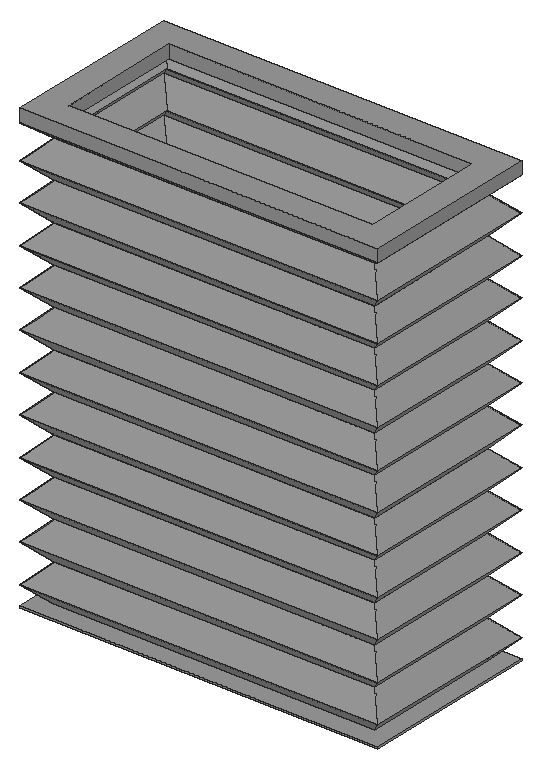
Revit family "MBA_Штора_Противопожарная_FireTechnics_Гармошка", category Двери, Revit 2016
Family settings
  На основе рабочей плоскости = Да
  Всегда вертикально = Да
  При загрузке вырезать с полостями = Нет
  Общий = Нет
  Точка расчета площади = Нет
Parameters (values of type "4000х2000х5000 EI180")
  ч3 [instance] = ч1 - ч2  # 0.5
  ч2 [instance] = n / 2  # 11.5
  ч1 [instance] = n / 2  # 12
  вкк2 [instance] = sin(10.00°) * Ширина короба  # 52.094 mm
  вкк1 [instance] = if(Четное, (Height - H1) / 2, (Height - H1))  # 168.095 mm
  Ширина короба = 300 mm  # constant formula
  Штора поднята [instance] = no
  Четное [instance] = ч3 = 0  # no
  Функция = Внутренние слои
  Угол [instance] = if(Штора поднята, 10.00°, 45.00°)  # 45.00°
  Толщина полотна = 1 mm  # constant formula
  Толщина короба_Геометрия [instance] = cos(Угол) * Ширина короба  # 212.132 mm
  Тип конструкций = "Штора противопожарная"
  Default Elevation = 1219.2 mm
  Описание = "Автоматические противопожарные шторы типа «Гармошка» призваны, в случае пожара, создавать замкнутое пространство, не допуская распространения огня и дыма по всему зданию, защищая тем самым людей и материальные ценности от воздействия продуктов горения и температуры."
  Огнестойкость = "EI180"
  Крайний элемент [instance] = if(Четное, Высота короба крайнего * 2, Высота короба крайнего)  # 168.095 mm
  Высота короба крайнего [instance] = if(Штора поднята, вкк2, вкк1)  # 168.095 mm
  Высота короба [instance] = sin(Угол) * Ширина короба  # 212.132 mm
  Height = ADSK_Размер_Высота - Высота верхнего короба - Высота нижнего короба  # 4835 mm
  Внутренняя ширина = ADSK_Размер_Ширина - 600 mm  # 3400 mm
  Материал полотна = Firetex™ 1100
  Материал короба = Сталь_оцинкованная_листовая_1мм_МВА
  Изготовитель = "МВА"  # constant formula
  Внутренняя длина = ADSK_Размер_Длина - 600 mm  # 1400 mm
  Высота нижнего короба = 20 mm  # constant formula
  Высота верхнего короба = 145 mm  # constant formula
  Аналитическая конструкция = "<Нет>"
  n [instance] = round(Height / (sin(45.00°) * Ширина короба))  # 23
  N [instance] = rounddown(Height / (2 * sin(45.00°) * Ширина короба))  # 11
  h [instance] = sin(Угол) * Ширина короба  # 212.132 mm
  URL = "https://mva-rolltor.ru"
  H1 [instance] = H * N  # 4666.905 mm
  H [instance] = 2 * h  # 424.264 mm
  ADSK_Размер_Ширина = 4000 mm
  ADSK_Размер_Длина = 2000 mm
  ADSK_Размер_Высота = 5000 mm
  ADSK_Предел огнестойкости = "EI180"
  ADSK_Обозначение = "ТУ 5284-001-16123348-2020"  # constant formula
  ADSK_Наименование краткое = "Протипожарная штора \"Гармошка\" EI180 4000х2000х5000"
  ADSK_Наименование = "Протипожарная и дымозащитная штора \"Гармошка\" EI180 4000х2000х5000"
  ADSK_Масса_Текст = "Вес ткани: 440-660 г/м2"
  ADSK_Завод-изготовитель = Изготовитель  # "МВА"
  ADSK_Единица измерения = "шт."  # constant formula
  ADSK_URL страницы изделия = "https://mva-rolltor.ru/protivopozharnye_shtory/protivopozharnye_shtory_garmoshka/"
Types (3, lengths in mm): name | Огнестойкость | ADSK_Предел огнестойкости | ADSK_Наименование краткое | ADSK_Наименование
  4000х2000х5000 EI120 | "EI120" | "EI120" | "Протипожарная штора \"Гармошка\" EI120 4000х2000х5000" | "Протипожарная и дымозащитная штора \"Гармошка\" EI120 4000х2000х5000"
  4000х2000х5000 EI60 | "EI60" | "EI60" | "Протипожарная штора \"Гармошка\" EI60 4000х2000х5000" | "Протипожарная и дымозащитная штора \"Гармошка\" EI60 4000х2000х5000"
  4000х2000х5000 EI180 | "EI180" | "EI180" | "Протипожарная штора \"Гармошка\" EI180 4000х2000х5000" | "Протипожарная и дымозащитная штора \"Гармошка\" EI180 4000х2000х5000"
Reference planes
  plane 1 "По центру (Вперед/Назад)": y = 0
  plane 2: z = 0
  plane 3 "По центру (Влево/Вправо)": x = 0
  plane 4: x = -1700
  plane 5: x = 1700
  plane 6: y = 700
  plane 7: y = -700
  plane 8: y = -1000
  plane 9: y = 1000
  plane 10: z = 20
  plane 11: z = 4855
  plane 12: z = 5000
  plane 13: x = -2000
  plane 14: x = 2000
  plane 15: z = 444.264
  plane 16: z = 4686.905
  plane 17: z = 0
Forms (mm)
  Extrusion 1, solid, material "Сталь_оцинкованная_листовая_1мм_МВА" <- "Материал короба"
    sketch origin (0, 0, 0) x (1, 0, 0) y (0, 1, 0)
      loop
        line (-2000, 1000) -> (-2000, -1000) -> (2000, -1000) -> (2000, 1000) -> (-2000, 1000)
      loop
        line (-1700, 700) -> (-1700, -700) -> (1700, -700) -> (1700, 700) -> (-1700, 700)
    from 4855 to 5000
  Extrusion 2, solid, material "Сталь_оцинкованная_листовая_1мм_МВА" <- "Материал короба"
    sketch origin (-2390.492, -1524, 0) x (-1, 0, 0) y (0, -1, 0)
      loop
        line (-390.492, -2524) -> (-390.492, -524) -> (-4390.492, -524) -> (-4390.492, -2524) -> (-390.492, -2524)
      loop
        line (-690.492, -2224) -> (-690.492, -824) -> (-4090.492, -824) -> (-4090.492, -2224) -> (-690.492, -2224)
    from 0 to 20
Dimensions and locks
  "Ширина короба": plane 9 to plane 6
  "Ширина короба": plane 7 to plane 8
  "Высота верхнего короба": plane 12 to plane 11
  "Ширина короба": plane 13 to plane 4
  "Ширина короба": plane 5 to plane 14
  equal spacing: plane 13, plane 3 "По центру (Влево/Вправо)", plane 14
  "ADSK_Размер_Ширина": plane 13 to plane 14
  equal spacing: plane 9, plane 1 "По центру (Вперед/Назад)", plane 8
  "ADSK_Размер_Длина": plane 8 to plane 9
  "ADSK_Размер_Высота": plane 12 to plane 2
  equal spacing: group 1, group 2, group 3, group 4, group 5, group 6, group 7, group 8, group 9, group 10, group 11  (x3)
  "H1": plane 16 to plane 10
  "Высота нижнего короба": plane 10 to plane 17
  "Крайний элемент": plane 11 to plane 16
  "H": plane 15 to plane 10
  aligned and locked: level to plane 2
  aligned and locked: Extrusion 1 to plane 12
  aligned and locked: Extrusion 1 to plane 11
  aligned and locked: plane 13 to Extrusion 2 sketch curve
  aligned and locked: Extrusion 2 sketch curve to plane 8
  aligned and locked: plane 14 to Extrusion 2 sketch curve
  aligned and locked: Extrusion 2 sketch curve to plane 6
  aligned and locked: plane 4 to Extrusion 2 sketch curve
  aligned and locked: Extrusion 2 sketch curve to plane 7
  aligned and locked: Extrusion 2 sketch curve to plane 5
  aligned and locked: Extrusion 2 sketch curve to plane 9
  aligned and locked: Extrusion 2 to plane 10
  aligned and locked: plane 3 "По центру (Влево/Вправо)" to nested 1
  aligned and locked: plane 1 "По центру (Вперед/Назад)" to nested 1
  aligned and locked: nested 1 to plane 10
  aligned and locked: plane 3 "По центру (Влево/Вправо)" to nested 2
  aligned and locked: plane 1 "По центру (Вперед/Назад)" to nested 2
  aligned and locked: Extrusion 1 sketch curve to plane 13
  aligned and locked: Extrusion 1 sketch curve to plane 14
  aligned and locked: Extrusion 1 sketch curve to plane 9
  aligned and locked: Extrusion 1 sketch curve to plane 8
  aligned and locked: plane 5 to Extrusion 1 sketch curve
  aligned and locked: Extrusion 1 sketch curve to plane 4
  aligned and locked: Extrusion 1 sketch curve to plane 6
  aligned and locked: Extrusion 1 sketch curve to plane 7
  aligned and locked: plane 16 to nested 4
  aligned and locked: plane 3 "По центру (Влево/Вправо)" to nested 4
  aligned and locked: plane 1 "По центру (Вперед/Назад)" to nested 4
  aligned and locked: Extrusion 2 to plane 17
  aligned and locked: plane 15 to nested 2
Nested families
  nested 1: "Элемент гармошки" at (0, 0, 20), type "Элемент гармошки"
    with Четный yes
  nested 2: "Элемент гармошки" at (0, 0, 444.264), type "Элемент гармошки"
    with Четный yes
  nested 3: "Элемент гармошки" at (0, 0, 868.528), type "Элемент гармошки"
    with Четный yes
  nested 4: "Элемент гармошки" at (0, 0, 4686.905), Четный <- "Четное", type "Элемент гармошки крайний"
    with Четный no
  nested 5: "Элемент гармошки" at (0, 0, 1292.792), type "Элемент гармошки"
    with Четный yes
  nested 6: "Элемент гармошки" at (0, 0, 1717.056), type "Элемент гармошки"
    with Четный yes
  nested 7: "Элемент гармошки" at (0, 0, 2141.32), type "Элемент гармошки"
    with Четный yes
  nested 8: "Элемент гармошки" at (0, 0, 2565.584), type "Элемент гармошки"
    with Четный yes
  nested 9: "Элемент гармошки" at (0, 0, 2989.848), type "Элемент гармошки"
    with Четный yes
  nested 10: "Элемент гармошки" at (0, 0, 3414.113), type "Элемент гармошки"
    with Четный yes
  nested 11: "Элемент гармошки" at (0, 0, 3838.377), type "Элемент гармошки"
    with Четный yes
  nested 12: "Элемент гармошки" at (0, 0, 4262.641), type "Элемент гармошки"
    with Четный yes
Definition of nested family "Элемент гармошки"
  Parameters (values of type "Элемент гармошки")
    Width = 4000 mm
    Четный [instance] = no
    Угол = 45.00°
    Толщина короба_Геометрия = 212.132 mm
    Толщина короба = 300 mm
    Thickness = 1 mm
    Материал = none
    Длина = 2000 mm
    Высота короба = 212.132 mm
    Analytic Construction = "<Нет>"
  Types (2, lengths in mm): name | Четный | Высота короба
    Элемент гармошки | no | 212.132
    Элемент гармошки крайний | yes | 168.095
  Reference planes
    plane 1 "По центру (Вперед/Назад)": y = 0
    plane 2: z = 0
    plane 3 "По центру (Влево/Вправо)": x = 0
    plane 4: y = 1000
    plane 5: y = -1000
    plane 6: y = 787.868
    plane 7: y = -787.868
    plane 8: x = -2000
    plane 9: x = -1787.868
    plane 10: x = 2000
    plane 11: x = 1787.868
    plane 12: z = 212.132
    plane 13: z = 424.264
  Forms (mm)
    Blend 1, solid, material <- "Материал", detail levels fine
      base sketch origin (0, 0, 0) x (1, 0, 0) y (0, 1, 0)
        loop
          line (-1787.868, 787.868) -> (-1787.868, -787.868) -> (1787.868, -787.868) -> (1787.868, 787.868) -> (-1787.868, 787.868)
      top sketch origin (0, 0, 0) x (1, 0, 0) y (0, 1, 0)
        loop
          line (-2000, 1000) -> (-2000, -1000) -> (2000, -1000) -> (2000, 1000) -> (-2000, 1000)
      from 0 to 212.132
    Blend 2, void
      base sketch origin (0, 0, 0) x (1, 0, 0) y (0, 1, 0)
        loop
          line (-1786.868, 786.868) -> (-1786.868, -786.868) -> (1786.868, -786.868) -> (1786.868, 786.868) -> (-1786.868, 786.868)
      top sketch origin (0, 0, 0) x (1, 0, 0) y (0, 1, 0)
        loop
          line (-1999, 999) -> (-1999, -999) -> (1999, -999) -> (1999, 999) -> (-1999, 999)
      from 0 to 212.132
    Blend 3, solid, material <- "Материал", visible <- "Четный", detail levels fine
      base sketch origin (1487.539, -1524, 212.132) x (0, -1, 0) y (1, 0, 0)
        loop
          line (-2524, -3487.539) -> (-524, -3487.539) -> (-524, 512.461) -> (-2524, 512.461) -> (-2524, -3487.539)
      top sketch origin (1487.539, -1524, 212.132) x (0, -1, 0) y (1, 0, 0)
        loop
          line (-2311.868, -3275.407) -> (-736.132, -3275.407) -> (-736.132, 300.329) -> (-2311.868, 300.329) -> (-2311.868, -3275.407)
      from 0 to 212.132
    Blend 4, void
      base sketch origin (1487.539, -1524, 212.132) x (0, -1, 0) y (1, 0, 0)
        loop
          line (-2523, -3486.539) -> (-525, -3486.539) -> (-525, 511.461) -> (-2523, 511.461) -> (-2523, -3486.539)
      top sketch origin (1487.539, -1524, 212.132) x (0, -1, 0) y (1, 0, 0)
        loop
          line (-2310.868, -3274.407) -> (-737.132, -3274.407) -> (-737.132, 299.329) -> (-2310.868, 299.329) -> (-2310.868, -3274.407)
      from 0 to 212.132
    Blend 5, solid, material <- "Материал", detail levels coarse+medium
      base sketch origin (0, 0, 0) x (1, 0, 0) y (0, 1, 0)
        loop
          line (-1787.868, 787.868) -> (-1787.868, -787.868) -> (1787.868, -787.868) -> (1787.868, 787.868) -> (-1787.868, 787.868)
      top sketch origin (0, 0, 0) x (1, 0, 0) y (0, 1, 0)
        loop
          line (-2000, 1000) -> (-2000, -1000) -> (2000, -1000) -> (2000, 1000) -> (-2000, 1000)
      from 0 to 212.132
    Blend 6, solid, material <- "Материал", visible <- "Четный", detail levels coarse+medium
      base sketch origin (1487.539, -1524, 212.132) x (0, -1, 0) y (1, 0, 0)
        loop
          line (-2524, -3487.539) -> (-524, -3487.539) -> (-524, 512.461) -> (-2524, 512.461) -> (-2524, -3487.539)
      top sketch origin (1487.539, -1524, 212.132) x (0, -1, 0) y (1, 0, 0)
        loop
          line (-2311.868, -3275.407) -> (-736.132, -3275.407) -> (-736.132, 300.329) -> (-2311.868, 300.329) -> (-2311.868, -3275.407)
      from 0 to 212.132
  Cuts and joins
    Blend 2 cuts Blend 1
    Blend 4 cuts Blend 3
  Dimensions and locks
    "Толщина короба_Геометрия": plane 8 to plane 9
    "Толщина короба_Геометрия": plane 11 to plane 10
    "Толщина короба_Геометрия": plane 4 to plane 6
    "Толщина короба_Геометрия": plane 5 to plane 7
    equal spacing: plane 5, plane 1 "По центру (Вперед/Назад)", plane 4
    "Длина": plane 4 to plane 5
    equal spacing: plane 8, plane 3 "По центру (Влево/Вправо)", plane 10
    "Width": plane 8 to plane 10
    "Высота короба": plane 13 to plane 12
    "Высота короба": plane 12 to plane 2
    "Thickness": plane 9 to Blend 2 sketch curve
    "Thickness": Blend 2 sketch curve to plane 11
    "Thickness": plane 6 to Blend 2 sketch curve
    "Thickness": Blend 2 sketch curve to plane 7
    "Thickness": Blend 2 sketch curve to plane 4
    "Thickness": Blend 2 sketch curve to plane 5
    "Thickness": Blend 2 sketch curve to plane 10
    "Thickness": plane 8 to Blend 2 sketch curve
    "Thickness": plane 8 to Blend 4 sketch curve
    "Thickness": Blend 4 sketch curve to plane 10
    "Thickness": Blend 4 sketch curve to plane 4
    "Thickness": Blend 4 sketch curve to plane 5
    "Thickness": plane 9 to Blend 4 sketch curve
    "Thickness": Blend 4 sketch curve to plane 11
    "Thickness": plane 6 to Blend 4 sketch curve
    "Thickness": Blend 4 sketch curve to plane 7
    aligned and locked: level to plane 2
    aligned and locked: Blend 1 sketch curve to plane 6
    aligned and locked: plane 9 to Blend 1 sketch curve
    aligned and locked: Blend 1 sketch curve to plane 7
    aligned and locked: Blend 1 sketch curve to plane 11
    aligned and locked: Blend 1 sketch curve to plane 4
    aligned and locked: Blend 1 sketch curve to plane 8
    aligned and locked: Blend 1 sketch curve to plane 5
    aligned and locked: Blend 1 sketch curve to plane 10
    aligned and locked: Blend 1 to plane 12
    aligned and locked: Blend 1 to plane 2
    aligned and locked: Blend 2 to plane 12
    aligned and locked: Blend 2 to plane 2
    aligned and locked: Blend 3 sketch curve to plane 4
    aligned and locked: Blend 3 sketch curve to plane 5
    aligned and locked: Blend 3 sketch curve to plane 8
    aligned and locked: Blend 3 sketch curve to plane 10
    aligned and locked: Blend 3 sketch curve to plane 6
    aligned and locked: Blend 3 sketch curve to plane 7
    aligned and locked: plane 9 to Blend 3 sketch curve
    aligned and locked: Blend 3 sketch curve to plane 11
    aligned and locked: Blend 3 to plane 12
    aligned and locked: Blend 3 to plane 13
    aligned and locked: Blend 4 to plane 12
    aligned and locked: Blend 4 to plane 13
    aligned and locked: plane 9 to Blend 5 sketch curve
    aligned and locked: Blend 5 sketch curve to plane 11
    aligned and locked: Blend 5 sketch curve to plane 6
    aligned and locked: Blend 5 sketch curve to plane 7
    aligned and locked: Blend 5 sketch curve to plane 8
    aligned and locked: Blend 5 sketch curve to plane 10
    aligned and locked: Blend 5 sketch curve to plane 4
    aligned and locked: Blend 5 sketch curve to plane 5
    aligned and locked: Blend 5 to plane 12
    aligned and locked: Blend 5 to plane 2
    aligned and locked: Blend 6 sketch curve to plane 8
    aligned and locked: Blend 6 sketch curve to plane 10
    aligned and locked: Blend 6 sketch curve to plane 4
    aligned and locked: Blend 6 sketch curve to plane 5
    aligned and locked: Blend 6 sketch curve to plane 9
    aligned and locked: plane 11 to Blend 6 sketch curve
    aligned and locked: Blend 6 sketch curve to plane 6
    aligned and locked: Blend 6 sketch curve to plane 7
    aligned and locked: Blend 6 to plane 12
    aligned and locked: Blend 6 to plane 13
